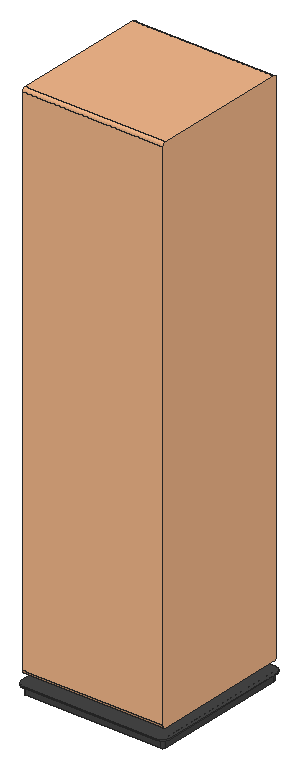
Revit family "Haworth_BuzziTotem_Beam", category Furniture, Revit 2018
Family settings
  OmniClass Number = 23.40.70.14.64.21
  OmniClass Title = Systems Furniture
  Work Plane-Based = No
  Always vertical = Yes
  Cut with Voids When Loaded = No
  Shared = No
  Room Calculation Point = No
Parameters (values of type "HCBZ-TTS1-32")
  Warranty = "http://www.haworth.com/resources/product-info/warranties"
  Upholstery Finish [instance] = Haworth _ Fabric _ Trevira CS _ Yellow BCS-3008
  URL - Product = "https://www.haworth.com/products/architectural-interiors/acoustic-solutions/buzzitotem"
  URL = "http://www.haworth.com/our-brands/haworth-collection"
  Small = no
  Size = "Verify Final Dim. w/ Haworth"  # constant formula
  Revision Number = "1"  # constant formula
  Model = "HCBZ-TTS1"  # constant formula
  Medium = no
  Manufacturer = "Haworth"  # constant formula
  Large = not(or(Medium, Small))  # yes
  Description = "Haworth BuzziTotem Beam Large"
  Casters = no
  Base Finish [instance] = Haworth _ Paint _ Black BTR-9005
  Author = "Haworth (Abd Rahman)"  # constant formula
  Assembly Code = "E2020200"
  Actual Width = 20.46875"  # constant formula
  Actual Height = if(Small, 47.23828", if(Medium, 61.01953", 74.80078"))  # 74.80078"
  Actual Depth = 20.46875"  # constant formula
Types (3): name | Small | Medium | Large | Description | Actual Height
  HCBZ-TTS1-32 | no | no | yes | "Haworth BuzziTotem Beam Large" | 74.80078"
  HCBZ-TTS1-22 | no | yes | no | "Haworth BuzziTotem Beam Medium" | 61.01953"
  HCBZ-TTS1-12 | yes | no | no | "Haworth BuzziTotem Beam Small" | 47.23828"
Reference planes (in)
  plane 1: z = 0
  plane 2 "Back": y = 11.98437
  plane 3 "Front": y = -8.48438
  plane 4 "Top": z = 74.80078
  plane 5 "Right": x = 42.54045
  plane 6 "Left": x = 22.0717
  plane 7: x = 32.30608
  plane 8: y = 1.75
  plane 9: z = 2.51969
  plane 10: z = 1.29921
  plane 11: z = 1.1811
  plane 12: x = 22.6229
  plane 13: x = 41.98926
Forms (in)
  Extrusion 1, solid, material "Haworth _ Paint _ Black BTR-9005" <- "Base Finish"
    sketch origin (0, 0, 0) x (1, 0, 0) y (0, 1, 0)
      loop
        arc (23.21944, 11.98437) -> (22.40787, 11.64821) -> (22.0717, 10.83663) r 1.14774
        line (22.0717, 10.83663) -> (22.0717, -7.33594)
        arc (22.0717, -7.33594) -> (22.40807, -8.14801) -> (23.22014, -8.48438) r 1.14844
        line (23.22014, -8.48438) -> (41.39202, -8.48438)
        arc (41.39202, -8.48438) -> (42.20408, -8.14801) -> (42.54045, -7.33594) r 1.14844
        line (42.54045, -7.33594) -> (42.54045, 10.83594)
        arc (42.54045, 10.83594) -> (42.20408, 11.64801) -> (41.39202, 11.98437) r 1.14844
        line (41.39202, 11.98437) -> (23.21944, 11.98437)
    from 1.1811 to 1.29921
  Extrusion 2, solid, material "Haworth _ Paint _ Black BTR-9005" <- "Base Finish"
    sketch origin (0, 0, 0) x (1, 0, 0) y (0, 1, 0)
      loop
        line (41.6176, 11.43599) -> (22.99666, 11.43599)
        arc (22.99666, 11.43599) -> (22.73702, 11.32845) -> (22.62947, 11.06881) r 0.36719
        line (22.62947, 11.06881) -> (22.62947, -7.55375)
        arc (22.62947, -7.55375) -> (22.73702, -7.81339) -> (22.99666, -7.92094) r 0.36719
        line (22.99666, -7.92094) -> (41.61922, -7.92094)
        arc (41.61922, -7.92094) -> (41.87886, -7.81339) -> (41.98641, -7.55375) r 0.36719
        line (41.98641, -7.55375) -> (41.98641, 11.06719)
        arc (41.98641, 11.06719) -> (41.87839, 11.32797) -> (41.6176, 11.43599) r 0.3688
    from 0 to 1.1811
  Extrusion 3, solid, material "Haworth _ Paint _ Black BTR-9005" <- "Base Finish"
    sketch origin (0, 0, 0) x (1, 0, 0) y (0, 1, 0)
      loop
        circle (25.61191, 8.44108) r 0.3922
      loop
        circle (39.00024, 8.44108) r 0.3922
      loop
        circle (25.61191, -4.94108) r 0.3922
      loop
        circle (39.00024, -4.94108) r 0.3922
    from 1.29921 to 2.51969
  Extrusion 4, solid, material "Haworth _ Fabric _ Trevira CS _ Yellow BCS-3008" <- "Upholstery Finish"
    sketch origin (0, 0, 0) x (0, 1, 0) y (0, 0, -1)
      loop
        arc (11.44256, -2.89881) -> (11.33152, -2.63073) -> (11.06344, -2.51969) r 0.37912
        line (11.06344, -2.51969) -> (-7.56344, -2.51969)
        arc (-7.56344, -2.51969) -> (-7.83152, -2.63073) -> (-7.94256, -2.89881) r 0.37912
        line (-7.94256, -2.89881) -> (-7.94256, -74.38818)
        arc (-7.94256, -74.38818) -> (-7.82172, -74.67993) -> (-7.52997, -74.80078) r 0.4126
        line (-7.52997, -74.80078) -> (11.02997, -74.80078)
        arc (11.02997, -74.80078) -> (11.32172, -74.67993) -> (11.44256, -74.38818) r 0.4126
        line (11.44256, -74.38818) -> (11.44256, -2.89881)
    from -41.98926 to -22.6229
  Extrusion 5, solid, material "Haworth _ Paint _ Black BTR-9005" <- "Base Finish", visible <- "Casters"
    sketch origin (0, -8.48438, 0) x (-1, 0, 0) y (0, 0, -1)
      loop
        line (-24.74354, 0.22858) -> (-24.74354, -1.1747) -> (-23.31561, -1.1747) -> (-23.31561, 0.22858)
        arc (-23.31561, 0.22858) -> (-24.02958, 0.94254) -> (-24.74354, 0.22858) r 0.71397
    from -0.99815 to -2.18227
  Extrusion 6, solid, material "Haworth _ Paint _ Black BTR-9005" <- "Base Finish", visible <- "Casters"
    sketch origin (0, 11.98437, 0) x (-1, 0, 0) y (0, 0, 1)
      loop
        arc (-24.74354, -0.22858) -> (-24.02958, -0.94254) -> (-23.31561, -0.22858) r 0.71397
        line (-23.31561, -0.22858) -> (-23.31561, 1.1747) -> (-24.74354, 1.1747) -> (-24.74354, -0.22858)
    from -0.99815 to -2.18227
  Revolve 7, solid, material "Haworth _ Paint _ Black BTR-9005" <- "Base Finish", visible <- "Casters"
    sketch origin (-0.00422, 0, -0.22537) x (1, 0, 0) y (0, 1, 0)
      loop
        line (24.02958, 10.82489) -> (24.02958, 9.96344) -> (24.88285, 9.96344)
        arc (24.88285, 9.96344) -> (24.95812, 9.99461) -> (24.98929, 10.06988) r 0.10645
        line (24.98929, 10.06988) -> (24.98929, 10.72604)
        arc (24.98929, 10.72604) -> (24.96034, 10.79594) -> (24.89045, 10.82489) r 0.09885
        line (24.89045, 10.82489) -> (24.02958, 10.82489)
      axis (24.02958, 10.82489) -> (24.02958, 9.96344)
    angle from 0 to 360
  Revolve 8, solid, material "Haworth _ Paint _ Black BTR-9005" <- "Base Finish", visible <- "Casters"
    sketch origin (-0.00422, 3.5, -0.22537) x (1, 0, 0) y (0, 1, 0)
      loop
        line (24.02958, -10.82489) -> (24.89045, -10.82489)
        arc (24.89045, -10.82489) -> (24.96034, -10.79594) -> (24.98929, -10.72604) r 0.09885
        line (24.98929, -10.72604) -> (24.98929, -10.06988)
        arc (24.98929, -10.06988) -> (24.95812, -9.99461) -> (24.88285, -9.96344) r 0.10645
        line (24.88285, -9.96344) -> (24.02958, -9.96344) -> (24.02958, -10.82489)
      axis (24.02958, -10.82489) -> (24.02958, -9.96344)
    angle from 0 to 360
  Extrusion 9, solid, material "Haworth _ Paint _ Black BTR-9005" <- "Base Finish", visible <- "Casters"
    sketch origin (64.61216, -8.48438, 0) x (1, 0, 0) y (0, 0, 1)
      loop
        arc (-24.74354, -0.22858) -> (-24.02958, -0.94254) -> (-23.31561, -0.22858) r 0.71397
        line (-23.31561, -0.22858) -> (-23.31561, 1.1747) -> (-24.74354, 1.1747) -> (-24.74354, -0.22858)
    from -0.99815 to -2.18227
  Extrusion 10, solid, material "Haworth _ Paint _ Black BTR-9005" <- "Base Finish", visible <- "Casters"
    sketch origin (64.61216, 11.98437, 0) x (1, 0, 0) y (0, 0, -1)
      loop
        line (-24.74354, 0.22858) -> (-24.74354, -1.1747) -> (-23.31561, -1.1747) -> (-23.31561, 0.22858)
        arc (-23.31561, 0.22858) -> (-24.02958, 0.94254) -> (-24.74354, 0.22858) r 0.71397
    from -0.99815 to -2.18227
  Revolve 11, solid, material "Haworth _ Paint _ Black BTR-9005" <- "Base Finish", visible <- "Casters"
    sketch origin (64.61638, 0, -0.22537) x (-1, 0, 0) y (0, -1, 0)
      loop
        line (24.02958, -10.82489) -> (24.89045, -10.82489)
        arc (24.89045, -10.82489) -> (24.96034, -10.79594) -> (24.98929, -10.72604) r 0.09885
        line (24.98929, -10.72604) -> (24.98929, -10.06988)
        arc (24.98929, -10.06988) -> (24.95812, -9.99461) -> (24.88285, -9.96344) r 0.10645
        line (24.88285, -9.96344) -> (24.02958, -9.96344) -> (24.02958, -10.82489)
      axis (24.02958, -10.82489) -> (24.02958, -9.96344)
    angle from 0 to 360
  Revolve 12, solid, material "Haworth _ Paint _ Black BTR-9005" <- "Base Finish", visible <- "Casters"
    sketch origin (64.61638, 3.5, -0.22537) x (-1, 0, 0) y (0, -1, 0)
      loop
        line (24.02958, 10.82489) -> (24.02958, 9.96344) -> (24.88285, 9.96344)
        arc (24.88285, 9.96344) -> (24.95812, 9.99461) -> (24.98929, 10.06988) r 0.10645
        line (24.98929, 10.06988) -> (24.98929, 10.72604)
        arc (24.98929, 10.72604) -> (24.96034, 10.79594) -> (24.89045, 10.82489) r 0.09885
        line (24.89045, 10.82489) -> (24.02958, 10.82489)
      axis (24.02958, 10.82489) -> (24.02958, 9.96344)
    angle from 0 to 360
Cuts and joins
  joined: Extrusion 1, Extrusion 2, Extrusion 3
  joined: Extrusion 5, Extrusion 6, Revolve 7, Revolve 8, Extrusion 9, Extrusion 10, Revolve 11, Revolve 12
Lines and regions (in)
  Masking region 1
    outline origin (0, 0, 0) x (1, 0, 0) y (0, 1, 0)
      loop
        line (41.39202, 11.98437) -> (23.21944, 11.98437)
        arc (23.21944, 11.98437) -> (22.40787, 11.64821) -> (22.0717, 10.83663) r 1.14774
        line (22.0717, 10.83663) -> (22.0717, -7.33594)
        arc (22.0717, -7.33594) -> (22.40807, -8.14801) -> (23.22014, -8.48438) r 1.14844
        line (23.22014, -8.48438) -> (41.39202, -8.48438)
        arc (41.39202, -8.48438) -> (42.20408, -8.14801) -> (42.54045, -7.33594) r 1.14844
        line (42.54045, -7.33594) -> (42.54045, 10.83594)
        arc (42.54045, 10.83594) -> (42.20408, 11.64801) -> (41.39202, 11.98437) r 1.14844
  symbolic lines
    curve 1: line (22.6229, 11.44256, 0) -> (22.6229, -7.94256, 0)
    curve 2: line (41.98926, -7.94256, 0) -> (41.98926, 11.44256, 0)
    curve 3: line (22.6229, 11.44256, 0) -> (41.98926, 11.44256, 0)
    curve 4: line (22.6229, -7.94256, 0) -> (41.98926, -7.94256, 0)
Dimensions and locks (in)
  "Actual Width": plane 6 "Left" to plane 5 "Right"
  "Actual Depth": plane 3 "Front" to plane 2 "Back"
  "Actual Height": plane 4 "Top" to level
  equal spacing: plane 6 "Left", plane 7, plane 5 "Right"
  equal spacing: plane 2 "Back", plane 8, plane 3 "Front"
  plane 9 to plane 10 to plane 11 to plane 1 = 1.22047" locked, 0.11811" locked, 1.1811" locked
  aligned and locked: Extrusion 1 to plane 11
  aligned and locked: plane 10 to Extrusion 1
  aligned and locked: Extrusion 2 to plane 1
  aligned and locked: plane 11 to Extrusion 2
  aligned and locked: Extrusion 3 to plane 10
  aligned and locked: plane 9 to Extrusion 3
  aligned and locked: plane 9 to cut or joined group of Extrusion 1, Extrusion 2, Extrusion 3
  aligned and locked: cut or joined group of Extrusion 1, Extrusion 2, Extrusion 3 to plane 10  (x2)
  aligned and locked: cut or joined group of Extrusion 1, Extrusion 2, Extrusion 3 to plane 11
  aligned and locked: cut or joined group of Extrusion 1, Extrusion 2, Extrusion 3 to plane 1
  aligned and locked: plane 11 to cut or joined group of Extrusion 1, Extrusion 2, Extrusion 3  (x2)
  aligned and locked: plane 12 to Extrusion 4  (x2)
  aligned and locked: plane 13 to Extrusion 4
  aligned and locked: plane 5 "Right" to cut or joined group of Extrusion 1, Extrusion 2, Extrusion 3
  aligned and locked: plane 2 "Back" to cut or joined group of Extrusion 1, Extrusion 2, Extrusion 3
  aligned and locked: plane 6 "Left" to cut or joined group of Extrusion 1, Extrusion 2, Extrusion 3
  aligned and locked: plane 3 "Front" to cut or joined group of Extrusion 1, Extrusion 2, Extrusion 3
  aligned and locked: Extrusion 4 to plane 13
  aligned and locked: plane 4 "Top" to Extrusion 4 sketch curve
  aligned and locked: Extrusion 4 sketch curve to plane 9
Automatic sketch dimensions
  curve 1 to plane 12 = 0"
  curve 3 to plane 13 = 0"
  curve 1 to plane 3 "Front" = 0.54181"
  curve 3 to plane 2 "Back" = 0.54181"
  Extrusion 1 sketch curve to plane 6 "Left" = 0"
  Extrusion 1 sketch curve to plane 2 "Back" = 0"
  plane 3 "Front" to Extrusion 1 sketch curve = 0"
  Extrusion 1 sketch curve to plane 5 "Right" = 0"
  Extrusion 1 sketch curve to plane 12 = 0.59654"
  Extrusion 1 sketch curve to plane 12 = 0.59724"
  Extrusion 1 sketch curve to plane 13 = 0.59724"  (x2)
  Extrusion 2 sketch curve to plane 12 = 0.00657"
  Extrusion 2 sketch curve to plane 12 = 0.37376"  (x2)
  Extrusion 2 sketch curve to plane 13 = 0.37165"
  Extrusion 2 sketch curve to plane 13 = 0.37004"
  Extrusion 2 sketch curve to plane 13 = 0.00285"
  Extrusion 2 sketch curve to plane 3 "Front" = 0.56344"
  Extrusion 2 sketch curve to plane 2 "Back" = 0.91718"
  Extrusion 3 sketch curve to plane 12 = 2.98901"  (x2)
  Extrusion 3 sketch curve to plane 13 = 2.98901"  (x2)
  Extrusion 3 sketch curve to plane 3 "Front" = 3.5433"  (x2)
  Extrusion 3 sketch curve to plane 2 "Back" = 3.5433"  (x2)
  plane 3 "Front" to Extrusion 4 sketch curve = 0.54181"
  Extrusion 4 sketch curve to Extrusion 4 sketch curve = 0.37912"
  plane 4 "Top" to Extrusion 4 sketch curve = 0.4126"  (x2)
  plane 2 "Back" to Extrusion 4 sketch curve = 0.95441"
  plane 2 "Back" to Extrusion 4 sketch curve = 0.92093"
  Masking region 1 sketch curve to plane 6 "Left" = 0"
  Masking region 1 sketch curve to plane 2 "Back" = 0"
  plane 3 "Front" to Masking region 1 sketch curve = 0"
  Masking region 1 sketch curve to plane 5 "Right" = 0"
  Masking region 1 sketch curve to plane 12 = 0.59654"
  Masking region 1 sketch curve to plane 12 = 0.59724"
  Masking region 1 sketch curve to plane 13 = 0.59724"  (x2)
  level to Extrusion 5 sketch curve = 0.22858"
  plane 12 to Extrusion 5 sketch curve = 2.12064"
  Extrusion 5 sketch curve to Extrusion 5 sketch curve = 0.71397"
  plane 11 to Extrusion 5 sketch curve = 0.0064"
  Extrusion 6 sketch curve to level = 0.22858"
  Extrusion 6 sketch curve to plane 12 = 2.12064"
  Extrusion 6 sketch curve to Extrusion 6 sketch curve = 0.71397"
  Extrusion 6 sketch curve to plane 11 = 0.0064"
  Revolve 7 sketch curve to plane 12 = 1.40246"
  Revolve 7 sketch curve to Revolve 7 sketch curve = 0.85327"
  Revolve 7 sketch curve to Revolve 7 sketch curve = 0.0076"
  Revolve 7 sketch curve to Revolve 7 sketch curve = 0.10645"
  Revolve 7 sketch curve to plane 2 "Back" = 2.02094"
  Revolve 7 sketch curve to Revolve 7 sketch curve = 0.65616"
  Revolve 7 sketch curve to Revolve 7 sketch curve = 0"  (x3)
  Revolve 8 sketch curve to plane 12 = 1.40246"
  Revolve 8 sketch curve to Revolve 8 sketch curve = 0.85327"
  Revolve 8 sketch curve to Revolve 8 sketch curve = 0.0076"
  Revolve 8 sketch curve to Revolve 8 sketch curve = 0.10645"
  Revolve 8 sketch curve to plane 3 "Front" = 1.15948"
  Revolve 8 sketch curve to Revolve 8 sketch curve = 0.65616"
  Revolve 8 sketch curve to Revolve 8 sketch curve = 0"  (x3)
  Extrusion 9 sketch curve to level = 0.22858"
  Extrusion 9 sketch curve to plane 13 = 2.12064"
  Extrusion 9 sketch curve to Extrusion 9 sketch curve = 0.71397"
  Extrusion 9 sketch curve to plane 11 = 0.0064"
  Extrusion 10 sketch curve to level = 0.22858"
  Extrusion 10 sketch curve to plane 13 = 2.12064"
  Extrusion 10 sketch curve to Extrusion 10 sketch curve = 0.71397"
  Extrusion 10 sketch curve to plane 11 = 0.0064"
  Revolve 11 sketch curve to plane 13 = 1.40246"
  Revolve 11 sketch curve to Revolve 11 sketch curve = 0.85327"
  Revolve 11 sketch curve to Revolve 11 sketch curve = 0.0076"
  Revolve 11 sketch curve to Revolve 11 sketch curve = 0.10645"
  Revolve 11 sketch curve to plane 2 "Back" = 1.15948"
  Revolve 11 sketch curve to Revolve 11 sketch curve = 0.65616"
  Revolve 11 sketch curve to Revolve 11 sketch curve = 0"  (x3)
  Revolve 12 sketch curve to plane 13 = 1.40246"
  Revolve 12 sketch curve to Revolve 12 sketch curve = 0.85327"
  Revolve 12 sketch curve to Revolve 12 sketch curve = 0.0076"
  Revolve 12 sketch curve to Revolve 12 sketch curve = 0.10645"
  Revolve 12 sketch curve to plane 3 "Front" = 2.02094"
  Revolve 12 sketch curve to Revolve 12 sketch curve = 0.65616"
  Revolve 12 sketch curve to Revolve 12 sketch curve = 0"  (x3)
  radius of Extrusion 3 sketch curve = 0.3922"  (x4)
